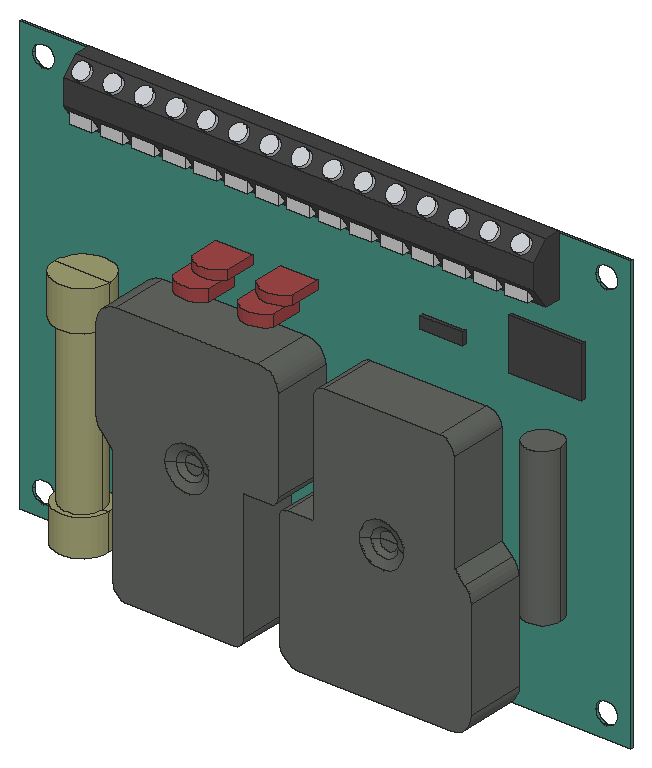
Revit family "TYCO-FPP-Zettler-SB520 Sounder booster module", category Electrical Fixtures, Revit 2014
Parameters (values of type "TYCO-FPP-Zettler-SB520 Sounder booster module")
  Width = 84 mm  # constant formula
  URL = "https://www.tycoifs.co.uk/documents/uploads/brochure/Fire_Cat_Iss9_19_Web.pdf"
  Type Comments = "SB520 increases the sounder load capacity to 15A"
  Power = "24V dc PSU"
  PCB = PCB
  Output Rating = "15A for sounders"
  Operating humidity = ">95% RH"
  Operating Temp = "-10°C to 70°C"
  Model = "Zettler- 577.001.023"
  Manufacturer = "Tyco"
  Length = 60 mm  # constant formula
  Keynote = "The SB520 requires a seperate 24Vd.c. supply to operate"
  Description = "The SB520 sounder booster module enables the\r\nSNM800 to drive circuits with higher currents whilst\r\nmaintaining the reverse polarity integrity line monitoring."
Reference planes
  plane 1 "Center (Front/Back)": y = 0
  plane 2: z = 0
  plane 3 "Center (Left/Right)": x = 0
  plane 4: z = -30
  plane 5: z = 30
  plane 6: x = -42
  plane 7: x = 42
  plane 8: y = -4.384
  plane 9: z = -11.22
Forms (mm)
  Extrusion 1, solid, material "PCB" <- "PCB", detail levels fine
    sketch origin (0, 0, 0) x (1, 0, 0) y (0, 0, 1)
      loop
        line (-42, 30) -> (-42, -30) -> (42, -30) -> (42, 30) -> (-42, 30)
      loop
        circle (38.694, 26.829) r 1.511
      loop
        circle (38.694, -26.829) r 1.511
      loop
        circle (-38.694, 26.829) r 1.511
      loop
        circle (-38.694, -26.829) r 1.511
    from 0 to -0.248
  Extrusion 2, solid, material "BLK", detail levels fine
    sketch origin (-42, -4572, 43.258) x (0, 0, 1) y (0, -1, 0)
      loop
        line (-13.041, -4572) -> (-13.041, -4569.757) -> (-15.067, -4567.731) -> (-18.536, -4567.731) -> (-21.482, -4569.794) -> (-21.482, -4572) -> (-13.041, -4572)
    from 9.417 to 74.086
  Extrusion 3, solid, material "S", detail levels fine
    sketch origin (-42, -0.368, 21.776) x (-1, 0, 0) y (0, 1, 0)
      loop
        line (-9.895, -2.198) -> (-13.011, -2.198) -> (-13.011, -3.484) -> (-9.895, -3.484) -> (-9.895, -2.198)
    from -3.806 to -0.783
  Extrusion 4, solid, material "S", detail levels fine
    sketch origin (-37.727, -0.368, 21.776) x (-1, 0, 0) y (0, 1, 0)
      loop
        line (-9.895, -2.198) -> (-13.011, -2.198) -> (-13.011, -3.484) -> (-9.895, -3.484) -> (-9.895, -2.198)
    from -3.806 to -0.783
  Extrusion 5, solid, material "S", detail levels fine
    sketch origin (-33.453, -0.368, 21.776) x (-1, 0, 0) y (0, 1, 0)
      loop
        line (-9.895, -2.198) -> (-13.011, -2.198) -> (-13.011, -3.484) -> (-9.895, -3.484) -> (-9.895, -2.198)
    from -3.806 to -0.783
  Extrusion 6, solid, material "S", detail levels fine
    sketch origin (-29.18, -0.368, 21.776) x (-1, 0, 0) y (0, 1, 0)
      loop
        line (-9.895, -2.198) -> (-13.011, -2.198) -> (-13.011, -3.484) -> (-9.895, -3.484) -> (-9.895, -2.198)
    from -3.806 to -0.783
  Extrusion 7, solid, material "S", detail levels fine
    sketch origin (-24.906, -0.368, 21.776) x (-1, 0, 0) y (0, 1, 0)
      loop
        line (-9.895, -2.198) -> (-13.011, -2.198) -> (-13.011, -3.484) -> (-9.895, -3.484) -> (-9.895, -2.198)
    from -3.806 to -0.783
  Extrusion 8, solid, material "S", detail levels fine
    sketch origin (-20.633, -0.368, 21.776) x (-1, 0, 0) y (0, 1, 0)
      loop
        line (-9.895, -2.198) -> (-13.011, -2.198) -> (-13.011, -3.484) -> (-9.895, -3.484) -> (-9.895, -2.198)
    from -3.806 to -0.783
  Extrusion 9, solid, material "S", detail levels fine
    sketch origin (-16.359, -0.368, 21.776) x (-1, 0, 0) y (0, 1, 0)
      loop
        line (-9.895, -2.198) -> (-13.011, -2.198) -> (-13.011, -3.484) -> (-9.895, -3.484) -> (-9.895, -2.198)
    from -3.806 to -0.783
  Extrusion 10, solid, material "S", detail levels fine
    sketch origin (-12.086, -0.368, 21.776) x (-1, 0, 0) y (0, 1, 0)
      loop
        line (-9.895, -2.198) -> (-13.011, -2.198) -> (-13.011, -3.484) -> (-9.895, -3.484) -> (-9.895, -2.198)
    from -3.806 to -0.783
  Extrusion 11, solid, material "S", detail levels fine
    sketch origin (-7.812, -0.368, 21.776) x (-1, 0, 0) y (0, 1, 0)
      loop
        line (-9.895, -2.198) -> (-13.011, -2.198) -> (-13.011, -3.484) -> (-9.895, -3.484) -> (-9.895, -2.198)
    from -3.806 to -0.783
  Extrusion 12, solid, material "S", detail levels fine
    sketch origin (-3.539, -0.368, 21.776) x (-1, 0, 0) y (0, 1, 0)
      loop
        line (-9.895, -2.198) -> (-13.011, -2.198) -> (-13.011, -3.484) -> (-9.895, -3.484) -> (-9.895, -2.198)
    from -3.806 to -0.783
  Extrusion 13, solid, material "S", detail levels fine
    sketch origin (0.734, -0.368, 21.776) x (-1, 0, 0) y (0, 1, 0)
      loop
        line (-9.895, -2.198) -> (-13.011, -2.198) -> (-13.011, -3.484) -> (-9.895, -3.484) -> (-9.895, -2.198)
    from -3.806 to -0.783
  Extrusion 14, solid, material "S", detail levels fine
    sketch origin (5.008, -0.368, 21.776) x (-1, 0, 0) y (0, 1, 0)
      loop
        line (-9.895, -2.198) -> (-13.011, -2.198) -> (-13.011, -3.484) -> (-9.895, -3.484) -> (-9.895, -2.198)
    from -3.806 to -0.783
  Extrusion 15, solid, material "S", detail levels fine
    sketch origin (9.281, -0.368, 21.776) x (-1, 0, 0) y (0, 1, 0)
      loop
        line (-9.895, -2.198) -> (-13.011, -2.198) -> (-13.011, -3.484) -> (-9.895, -3.484) -> (-9.895, -2.198)
    from -3.806 to -0.783
  Extrusion 16, solid, material "S", detail levels fine
    sketch origin (13.555, -0.368, 21.776) x (-1, 0, 0) y (0, 1, 0)
      loop
        line (-9.895, -2.198) -> (-13.011, -2.198) -> (-13.011, -3.484) -> (-9.895, -3.484) -> (-9.895, -2.198)
    from -3.806 to -0.783
  Extrusion 17, solid, material "S", detail levels fine
    sketch origin (17.828, -0.368, 21.776) x (-1, 0, 0) y (0, 1, 0)
      loop
        line (-9.895, -2.198) -> (-13.011, -2.198) -> (-13.011, -3.484) -> (-9.895, -3.484) -> (-9.895, -2.198)
    from -3.806 to -0.783
  Extrusion 18, solid, detail levels fine
    sketch origin (-42, -3.659, 28.801) x (0, 0.707107, 0.707107) y (-1, 0, 0)
      loop
        circle (0.486, -11.304) r 1.134
    from -0.311 to 0.429
  Extrusion 19, solid, detail levels fine
    sketch origin (-37.688, -3.659, 28.801) x (0, 0.707107, 0.707107) y (-1, 0, 0)
      loop
        circle (0.486, -11.304) r 1.134
    from -0.311 to 0.429
  Extrusion 20, solid, detail levels fine
    sketch origin (-33.377, -3.659, 28.801) x (0, 0.707107, 0.707107) y (-1, 0, 0)
      loop
        circle (0.486, -11.304) r 1.134
    from -0.311 to 0.429
  Extrusion 21, solid, detail levels fine
    sketch origin (-29.065, -3.659, 28.801) x (0, 0.707107, 0.707107) y (-1, 0, 0)
      loop
        circle (0.486, -11.304) r 1.134
    from -0.311 to 0.429
  Extrusion 22, solid, detail levels fine
    sketch origin (-24.754, -3.659, 28.801) x (0, 0.707107, 0.707107) y (-1, 0, 0)
      loop
        circle (0.486, -11.304) r 1.134
    from -0.311 to 0.429
  Extrusion 23, solid, detail levels fine
    sketch origin (-20.442, -3.659, 28.801) x (0, 0.707107, 0.707107) y (-1, 0, 0)
      loop
        circle (0.486, -11.304) r 1.134
    from -0.311 to 0.429
  Extrusion 24, solid, detail levels fine
    sketch origin (-16.13, -3.659, 28.801) x (0, 0.707107, 0.707107) y (-1, 0, 0)
      loop
        circle (0.486, -11.304) r 1.134
    from -0.311 to 0.429
  Extrusion 25, solid, detail levels fine
    sketch origin (-11.819, -3.659, 28.801) x (0, 0.707107, 0.707107) y (-1, 0, 0)
      loop
        circle (0.486, -11.304) r 1.134
    from -0.311 to 0.429
  Extrusion 26, solid, detail levels fine
    sketch origin (-7.507, -3.659, 28.801) x (0, 0.707107, 0.707107) y (-1, 0, 0)
      loop
        circle (0.486, -11.304) r 1.134
    from -0.311 to 0.429
  Extrusion 27, solid, detail levels fine
    sketch origin (-3.196, -3.659, 28.801) x (0, 0.707107, 0.707107) y (-1, 0, 0)
      loop
        circle (0.486, -11.304) r 1.134
    from -0.311 to 0.429
  Extrusion 28, solid, detail levels fine
    sketch origin (1.116, -3.659, 28.801) x (0, 0.707107, 0.707107) y (-1, 0, 0)
      loop
        circle (0.486, -11.304) r 1.134
    from -0.311 to 0.429
  Extrusion 29, solid, detail levels fine
    sketch origin (5.428, -3.659, 28.801) x (0, 0.707107, 0.707107) y (-1, 0, 0)
      loop
        circle (0.486, -11.304) r 1.134
    from -0.311 to 0.429
  Extrusion 30, solid, detail levels fine
    sketch origin (9.739, -3.659, 28.801) x (0, 0.707107, 0.707107) y (-1, 0, 0)
      loop
        circle (0.486, -11.304) r 1.134
    from -0.311 to 0.429
  Extrusion 31, solid, detail levels fine
    sketch origin (14.051, -3.659, 28.801) x (0, 0.707107, 0.707107) y (-1, 0, 0)
      loop
        circle (0.486, -11.304) r 1.134
    from -0.311 to 0.429
  Extrusion 32, solid, detail levels fine
    sketch origin (18.362, -3.659, 28.801) x (0, 0.707107, 0.707107) y (-1, 0, 0)
      loop
        circle (0.486, -11.304) r 1.134
    from -0.311 to 0.429
  Extrusion 33, solid, material "BLK(1)", detail levels fine
    sketch origin (0, 0, 0) x (1, 0, 0) y (0, 0, 1)
      loop
        line (-20.724, -30.697) -> (-6.061, -30.697)
        arc (-6.061, -30.697) -> (-5.116, -30.306) -> (-4.724, -29.36) r 1.337
        line (-4.724, -29.36) -> (-4.724, -11.525) -> (-1.114, -11.525)
        arc (-1.114, -11.525) -> (-0.326, -11.199) -> (0, -10.411) r 1.114
        line (0, -10.411) -> (0, 2.403)
        arc (0, 2.403) -> (-0.816, 4.373) -> (-2.786, 5.188) r 2.786
        line (-2.786, 5.188) -> (-22.285, 5.188)
        arc (-22.285, 5.188) -> (-24.255, 4.373) -> (-25.071, 2.403) r 2.786
        line (-25.071, 2.403) -> (-25.071, -8.793)
        arc (-25.071, -8.793) -> (-24.843, -9.937) -> (-24.195, -10.907) r 2.99
        line (-24.195, -10.907) -> (-22.709, -12.393) -> (-22.709, -28.712)
        arc (-22.709, -28.712) -> (-22.127, -30.116) -> (-20.724, -30.697) r 1.985
      loop
        line (22.191, 5.188) -> (6.208, 5.188)
        arc (6.208, 5.188) -> (5.263, 4.797) -> (4.871, 3.851) r 1.337
        line (4.871, 3.851) -> (4.871, -11.525) -> (1.261, -11.525)
        arc (1.261, -11.525) -> (0.473, -11.852) -> (0.147, -12.64) r 1.114
        line (0.147, -12.64) -> (0.147, -27.912)
        arc (0.147, -27.912) -> (0.963, -29.881) -> (2.932, -30.697) r 2.786
        line (2.932, -30.697) -> (23.752, -30.697)
        arc (23.752, -30.697) -> (25.722, -29.881) -> (26.538, -27.912) r 2.786
        line (26.538, -27.912) -> (26.538, -14.258)
        arc (26.538, -14.258) -> (26.31, -13.114) -> (25.662, -12.144) r 2.99
        line (25.662, -12.144) -> (24.176, -10.658) -> (24.176, 3.203)
        arc (24.176, 3.203) -> (23.594, 4.607) -> (22.191, 5.188) r 1.985
    from 0 to 8.104
  Revolve 34, solid, material "BLK(2)", detail levels fine
    sketch origin (-53.996, -4.384, 1217.817) x (-1, 0, 0) y (0, 0, 1)
      loop
        line (-24.101, -1212.459) -> (-27.91, -1212.459) -> (-27.91, -1217.937) -> (-26.918, -1217.937) -> (-26.918, -1240.743) -> (-27.718, -1240.743) -> (-27.718, -1245.743) -> (-24.101, -1245.743) -> (-24.101, -1212.459)
      axis (-24.101, -1212.459) -> (-24.101, -1245.743)
    angle from 0 to 360
  Revolve 35, void
    sketch origin (-49.635, -4572, -11.22) x (-1, 0, 0) y (0, -1, 0)
      loop
        line (-37.1, -4563.896) -> (-40.13, -4563.896) -> (-38.976, -4564.434) -> (-38.348, -4565.062) -> (-37.1, -4565.062) -> (-37.1, -4563.896)
      axis (-37.1, -4563.896) -> (-37.1, -4565.062)
    angle from 0 to 360
  Revolve 36, void
    sketch origin (-22.9, -4572, -11.22) x (-1, 0, 0) y (0, -1, 0)
      loop
        line (-37.1, -4563.896) -> (-40.13, -4563.896) -> (-38.976, -4564.434) -> (-38.348, -4565.062) -> (-37.1, -4565.062) -> (-37.1, -4563.896)
      axis (-37.1, -4563.896) -> (-37.1, -4565.062)
    angle from 0 to 360
  Extrusion 37, solid, material "BLK(1)", detail levels fine
    sketch origin (0, 0, 0) x (1, 0, 0) y (0, 1, 0)
      loop
        circle (31.8, -2.444) r 2.433
    from -16.012 to 5.359
  Extrusion 38, solid, material "RED", detail levels fine
    sketch origin (0, 0, 0) x (1, 0, 0) y (0, 1, 0)
      loop
        line (-17.597, 0) -> (-17.597, -4.269)
        arc (-17.597, -4.269) -> (-15.081, -5.585) -> (-12.564, -4.269) r 3.063
        line (-12.564, -4.269) -> (-12.564, 0) -> (-17.597, 0)
    from 7.704 to 9.274
  Extrusion 39, solid, material "RED", detail levels fine
    sketch origin (8.883, 0, 0) x (1, 0, 0) y (0, 1, 0)
      loop
        line (-17.597, 0) -> (-17.597, -4.269)
        arc (-17.597, -4.269) -> (-15.081, -5.585) -> (-12.564, -4.269) r 3.063
        line (-12.564, -4.269) -> (-12.564, 0) -> (-17.597, 0)
    from 7.704 to 9.274
  Extrusion 40, solid, material "RED", detail levels fine
    sketch origin (-42, -0.368, 21.776) x (-1, 0, 0) y (0, 1, 0)
      loop
        line (-26.989, 0.368) -> (-32.022, 0.368) -> (-32.022, -3.901)
        arc (-32.022, -3.901) -> (-29.505, -5.218) -> (-26.989, -3.901) r 3.063
        line (-26.989, -3.901) -> (-26.989, 0.368)
    from 9.251 to 10.464
  Extrusion 41, solid, material "RED", detail levels fine
    sketch origin (-33.105, -0.368, 21.776) x (-1, 0, 0) y (0, 1, 0)
      loop
        line (-26.989, 0.368) -> (-32.022, 0.368) -> (-32.022, -3.901)
        arc (-32.022, -3.901) -> (-29.505, -5.218) -> (-26.989, -3.901) r 3.063
        line (-26.989, -3.901) -> (-26.989, 0.368)
    from 9.251 to 10.464
  Extrusion 42, solid, material "BLK", detail levels fine
    sketch origin (0, 0, 0) x (1, 0, 0) y (0, 0, 1)
      loop
        line (35.664, 17.808) -> (25.664, 17.808) -> (25.664, 10.742) -> (35.664, 10.742) -> (35.664, 17.808)
      loop
        line (19.235, 13.48) -> (13.405, 13.48) -> (13.405, 11.802) -> (19.235, 11.802) -> (19.235, 13.48)
    from 0 to 0.544
Cuts and joins
  joined: Extrusion 18, Extrusion 19
  Revolve 35, Revolve 36 cuts Extrusion 33
Lines and regions (mm)
  model lines, detail levels coarse+medium
    curve 1: line (-42, 0, 30) -> (42, 0, 30)
    curve 2: line (-42, 0, -30) -> (-42, 0, 30)
    curve 3: line (42, 0, -30) -> (-42, 0, -30)
    curve 4: line (42, 0, 30) -> (42, 0, -30)
Dimensions and locks
  equal spacing: plane 5, plane 2, plane 4
  "Length": plane 5 to plane 4
  equal spacing: plane 7, plane 3 "Center (Left/Right)", plane 6
  "Width": plane 7 to plane 6
  equal spacing: group 1, group 2, group 3, group 4, group 5, group 6, group 7, group 8, group 9, group 10, group 11, group 12, group 13, group 14, group 15  (x3)
  aligned and locked: level to plane 2
  aligned and locked: plane 5 to Extrusion 1 sketch curve
  aligned and locked: plane 6 to Extrusion 1 sketch curve
  aligned and locked: plane 4 to Extrusion 1 sketch curve
  aligned and locked: plane 7 to Extrusion 1 sketch curve
  aligned and locked: Extrusion 1 to plane 1 "Center (Front/Back)"
  aligned and locked: Extrusion 33 to plane 1 "Center (Front/Back)"
  aligned and locked: Extrusion 42 to plane 1 "Center (Front/Back)"
  aligned and locked: plane 5 to curve 1
  aligned and locked: plane 7 to curve 4
  aligned and locked: plane 4 to curve 3
  aligned and locked: plane 6 to curve 2
Automatic sketch dimensions
  Extrusion 3 sketch curve to Extrusion 3 sketch curve = 1.286 mm
  Extrusion 3 sketch curve to Extrusion 3 sketch curve = 3.115 mm
  Extrusion 4 sketch curve to Extrusion 4 sketch curve = 1.286 mm
  Extrusion 4 sketch curve to Extrusion 4 sketch curve = 3.115 mm
  Extrusion 5 sketch curve to Extrusion 5 sketch curve = 1.286 mm
  Extrusion 5 sketch curve to Extrusion 5 sketch curve = 3.115 mm
  Extrusion 6 sketch curve to Extrusion 6 sketch curve = 1.286 mm
  Extrusion 6 sketch curve to Extrusion 6 sketch curve = 3.115 mm
  Extrusion 7 sketch curve to Extrusion 7 sketch curve = 1.286 mm
  Extrusion 7 sketch curve to Extrusion 7 sketch curve = 3.115 mm
  Extrusion 8 sketch curve to Extrusion 8 sketch curve = 1.286 mm
  Extrusion 8 sketch curve to Extrusion 8 sketch curve = 3.115 mm
  Extrusion 9 sketch curve to Extrusion 9 sketch curve = 1.286 mm
  Extrusion 9 sketch curve to Extrusion 9 sketch curve = 3.115 mm
  Extrusion 10 sketch curve to Extrusion 10 sketch curve = 1.286 mm
  Extrusion 10 sketch curve to Extrusion 10 sketch curve = 3.115 mm
  Extrusion 11 sketch curve to Extrusion 11 sketch curve = 1.286 mm
  Extrusion 11 sketch curve to Extrusion 11 sketch curve = 3.115 mm
  Extrusion 12 sketch curve to Extrusion 12 sketch curve = 1.286 mm
  Extrusion 12 sketch curve to Extrusion 12 sketch curve = 3.115 mm
  Extrusion 13 sketch curve to Extrusion 13 sketch curve = 1.286 mm
  Extrusion 13 sketch curve to Extrusion 13 sketch curve = 3.115 mm
  Extrusion 14 sketch curve to Extrusion 14 sketch curve = 1.286 mm
  Extrusion 14 sketch curve to Extrusion 14 sketch curve = 3.115 mm
  Extrusion 15 sketch curve to Extrusion 15 sketch curve = 1.286 mm
  Extrusion 15 sketch curve to Extrusion 15 sketch curve = 3.115 mm
  Extrusion 16 sketch curve to Extrusion 16 sketch curve = 1.286 mm
  Extrusion 16 sketch curve to Extrusion 16 sketch curve = 3.115 mm
  Extrusion 17 sketch curve to Extrusion 17 sketch curve = 1.286 mm
  Extrusion 17 sketch curve to Extrusion 17 sketch curve = 3.115 mm
  plane 6 to Extrusion 1 sketch curve = 3.306 mm  (x2)
  plane 7 to Extrusion 1 sketch curve = 3.306 mm  (x2)
  plane 4 to Extrusion 1 sketch curve = 3.171 mm  (x2)
  plane 5 to Extrusion 1 sketch curve = 3.171 mm  (x2)
  Extrusion 2 sketch curve to plane 1 "Center (Front/Back)" = 0 mm
  plane 5 to Extrusion 2 sketch curve = 8.224 mm
  plane 8 to Extrusion 2 sketch curve = 0.116 mm
  Extrusion 2 sketch curve to Extrusion 2 sketch curve = 2.945 mm
  plane 5 to Extrusion 2 sketch curve = 1.809 mm
  Extrusion 2 sketch curve to plane 5 = 0.217 mm
  plane 8 to Extrusion 2 sketch curve = 2.178 mm
  plane 8 to Extrusion 2 sketch curve = 2.141 mm
  Extrusion 33 sketch curve to plane 3 "Center (Left/Right)" = 0 mm
  Extrusion 33 sketch curve to plane 3 "Center (Left/Right)" = 1.114 mm
  Extrusion 33 sketch curve to plane 3 "Center (Left/Right)" = 2.786 mm
  Extrusion 33 sketch curve to plane 9 = 0.305 mm  (x2)
  Extrusion 33 sketch curve to Extrusion 33 sketch curve = 3.61 mm  (x2)
  plane 4 to Extrusion 33 sketch curve = 0.64 mm
  Extrusion 33 sketch curve to Extrusion 33 sketch curve = 1.337 mm  (x2)
  plane 4 to Extrusion 33 sketch curve = 1.288 mm
  Extrusion 33 sketch curve to Extrusion 33 sketch curve = 14.662 mm
  Extrusion 33 sketch curve to Extrusion 33 sketch curve = 0.627 mm  (x2)
  level to Extrusion 33 sketch curve = 2.403 mm
  Extrusion 33 sketch curve to Extrusion 33 sketch curve = 0.204 mm  (x2)
  plane 9 to Extrusion 33 sketch curve = 0.314 mm
  Extrusion 33 sketch curve to Extrusion 33 sketch curve = 1.487 mm  (x2)
  Extrusion 33 sketch curve to Extrusion 33 sketch curve = 0.876 mm
  plane 3 "Center (Left/Right)" to Extrusion 33 sketch curve = 0.147 mm
  Extrusion 33 sketch curve to Extrusion 33 sketch curve = 1.114 mm
  Extrusion 33 sketch curve to Extrusion 33 sketch curve = 2.786 mm
  level to Extrusion 33 sketch curve = 5.188 mm
  Extrusion 33 sketch curve to Extrusion 33 sketch curve = 15.983 mm
  Extrusion 33 sketch curve to plane 9 = 3.038 mm
  Extrusion 33 sketch curve to Extrusion 33 sketch curve = 1.358 mm
  plane 4 to Extrusion 33 sketch curve = 2.088 mm
  plane 9 to Extrusion 33 sketch curve = 0.563 mm
  Extrusion 33 sketch curve to plane 9 = 0.924 mm
  Extrusion 33 sketch curve to plane 9 = 1.173 mm
  level to Revolve 34 sketch curve = 5.359 mm
  plane 6 to Revolve 34 sketch curve = 15.914 mm
  plane 4 to Revolve 34 sketch curve = 2.075 mm
  plane 6 to Revolve 34 sketch curve = 15.722 mm
  Revolve 34 sketch curve to Revolve 34 sketch curve = 0.8 mm
  Revolve 34 sketch curve to Revolve 34 sketch curve = 3.617 mm
  Revolve 34 sketch curve to Revolve 34 sketch curve = 5 mm
  Revolve 34 sketch curve to level = 0.119 mm
  Revolve 34 sketch curve to Revolve 34 sketch curve = 0 mm  (x2)
  Revolve 34 sketch curve to level = 4.641 mm
  Revolve 35 sketch curve to plane 8 = 3.72 mm
  Revolve 35 sketch curve to plane 3 "Center (Left/Right)" = 9.505 mm
  Revolve 35 sketch curve to plane 8 = 3.181 mm
  Revolve 35 sketch curve to Revolve 35 sketch curve = 1.154 mm
  Revolve 35 sketch curve to plane 8 = 2.554 mm
  Revolve 35 sketch curve to Revolve 35 sketch curve = 0.628 mm
  Revolve 35 sketch curve to Revolve 35 sketch curve = 1.249 mm
  Revolve 35 sketch curve to Revolve 35 sketch curve = 0 mm  (x2)
  Revolve 35 sketch curve to plane 8 = 0.41 mm
  Revolve 36 sketch curve to plane 8 = 3.72 mm
  plane 3 "Center (Left/Right)" to Revolve 36 sketch curve = 17.23 mm
  Revolve 36 sketch curve to plane 8 = 3.181 mm
  Revolve 36 sketch curve to Revolve 36 sketch curve = 1.154 mm
  Revolve 36 sketch curve to plane 8 = 2.554 mm
  Revolve 36 sketch curve to Revolve 36 sketch curve = 0.628 mm
  Revolve 36 sketch curve to Revolve 36 sketch curve = 1.249 mm
  Revolve 36 sketch curve to Revolve 36 sketch curve = 0 mm  (x2)
  Revolve 36 sketch curve to plane 8 = 0.41 mm
  plane 8 to Extrusion 37 sketch curve = 1.941 mm
  plane 7 to Extrusion 37 sketch curve = 10.2 mm
  plane 1 "Center (Front/Back)" to Extrusion 38 sketch curve = 0 mm
  plane 8 to Extrusion 38 sketch curve = 0.116 mm  (x2)
  Extrusion 38 sketch curve to plane 3 "Center (Left/Right)" = 17.597 mm
  Extrusion 38 sketch curve to Extrusion 38 sketch curve = 2.516 mm
  plane 8 to Extrusion 38 sketch curve = 1.862 mm
  plane 1 "Center (Front/Back)" to Extrusion 39 sketch curve = 0 mm
  plane 8 to Extrusion 39 sketch curve = 0.116 mm  (x2)
  Extrusion 39 sketch curve to plane 3 "Center (Left/Right)" = 8.714 mm
  Extrusion 39 sketch curve to Extrusion 39 sketch curve = 2.516 mm
  plane 8 to Extrusion 39 sketch curve = 1.862 mm
  Extrusion 40 sketch curve to Extrusion 2 = 0 mm
  Extrusion 40 sketch curve to Extrusion 2 = 22.605 mm
  Extrusion 2 to Extrusion 40 sketch curve = 0.316 mm
  Extrusion 40 sketch curve to Extrusion 40 sketch curve = 2.516 mm  (x2)
  Extrusion 2 to Extrusion 40 sketch curve = 2.062 mm
  Extrusion 41 sketch curve to Extrusion 2 = 0 mm
  Extrusion 41 sketch curve to Extrusion 2 = 31.499 mm
  Extrusion 2 to Extrusion 41 sketch curve = 0.316 mm
  Extrusion 41 sketch curve to Extrusion 41 sketch curve = 2.516 mm  (x2)
  Extrusion 2 to Extrusion 41 sketch curve = 2.062 mm
  Extrusion 42 sketch curve to Extrusion 1 = 28.595 mm
  Extrusion 42 sketch curve to Extrusion 42 sketch curve = 5.83 mm
  Extrusion 42 sketch curve to Extrusion 42 sketch curve = 6.429 mm
  Extrusion 42 sketch curve to Extrusion 1 = 6.336 mm
  Extrusion 42 sketch curve to Extrusion 1 = 19.258 mm
  Extrusion 42 sketch curve to Extrusion 42 sketch curve = 1.06 mm
  Extrusion 42 sketch curve to Extrusion 42 sketch curve = 1.678 mm
  Extrusion 42 sketch curve to Extrusion 42 sketch curve = 7.066 mm
  plane 6 to Extrusion 19 sketch curve = 15.616 mm
  plane 6 to Extrusion 20 sketch curve = 19.927 mm
  Extrusion 21 sketch curve to plane 3 "Center (Left/Right)" = 17.761 mm
  Extrusion 22 sketch curve to plane 3 "Center (Left/Right)" = 13.45 mm
  Extrusion 23 sketch curve to plane 3 "Center (Left/Right)" = 9.138 mm
  Extrusion 24 sketch curve to plane 3 "Center (Left/Right)" = 4.826 mm
  Extrusion 25 sketch curve to plane 3 "Center (Left/Right)" = 0.515 mm
  plane 3 "Center (Left/Right)" to Extrusion 26 sketch curve = 3.797 mm
  plane 3 "Center (Left/Right)" to Extrusion 27 sketch curve = 8.108 mm
  plane 3 "Center (Left/Right)" to Extrusion 28 sketch curve = 12.42 mm
  plane 3 "Center (Left/Right)" to Extrusion 29 sketch curve = 16.731 mm
  plane 7 to Extrusion 30 sketch curve = 20.957 mm
  plane 7 to Extrusion 31 sketch curve = 16.645 mm
  plane 7 to Extrusion 32 sketch curve = 12.334 mm
  Extrusion 18 sketch curve to Extrusion 2 = 1.348 mm
  Extrusion 2 to Extrusion 18 sketch curve = 1.887 mm
  radius of Extrusion 18 sketch curve = 1.134 mm
  radius of Extrusion 19 sketch curve = 1.134 mm
  radius of Extrusion 20 sketch curve = 1.134 mm
  radius of Extrusion 21 sketch curve = 1.134 mm
  radius of Extrusion 22 sketch curve = 1.134 mm
  radius of Extrusion 23 sketch curve = 1.134 mm
  radius of Extrusion 24 sketch curve = 1.134 mm
  radius of Extrusion 25 sketch curve = 1.134 mm
  radius of Extrusion 26 sketch curve = 1.134 mm
  radius of Extrusion 27 sketch curve = 1.134 mm
  radius of Extrusion 28 sketch curve = 1.134 mm
  radius of Extrusion 29 sketch curve = 1.134 mm
  radius of Extrusion 30 sketch curve = 1.134 mm
  radius of Extrusion 31 sketch curve = 1.134 mm
  radius of Extrusion 32 sketch curve = 1.134 mm
  radius of Extrusion 1 sketch curve = 1.511 mm  (x4)
  radius of Extrusion 37 sketch curve = 2.433 mm
Connectors
  electrical at (0, 0.248, 0)
    settings: on Extrusion 1, index 1, voltage 24 V, apparent load 0 VA, apparent load phase1 0 VA, apparent load phase2 0 VA, apparent load phase3 0 VA, power factor 1, load classification "Other", number of poles 1, system type 31, power factor state 1, is connector primary yes, connector utility no, sub classification motor no, connector description ""
